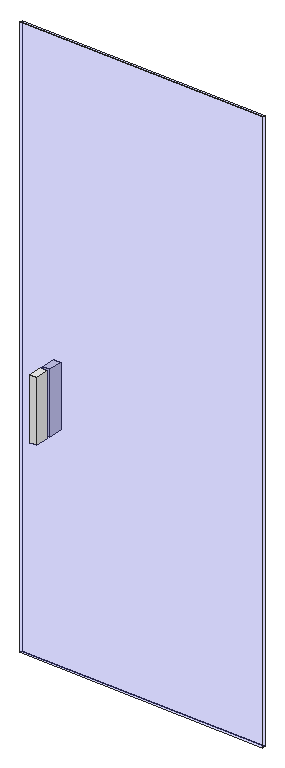
Revit family "Doors_Sgl_Glass_No_Frame_2", category Doors, Revit 2016
Family settings
  Always vertical = Yes
  Cut with Voids When Loaded = No
  Shared = No
  Room Calculation Point = No
Parameters (values of type "Glass_Panel")
  Visual Light Transmittance = 0.9
  Solar Heat Gain Coefficient = 0.78
  Offset = 50.00 mm
  Construction Type Id = "GSP4R"
  Keynote = "H11"
  Heat Transfer Coefficient (U) = 3.6886 W/(m²·K)
  Glazing Material = Glass
  Function = Interior
  Analytic Construction = "1/8 in Pilkington single glazing"
Reference planes
  plane 1: y = 0
  plane 2: z = 0
  plane 3: x = 539.723
  plane 4: x = 82.523
  plane 5: x = 996.923
  plane 6: z = 2133.6
  plane 7: y = 50
Forms (mm)
  Extrusion 1, solid, material "Glass" <- "Glazing Material"
    sketch origin (0, 0, 0) x (1, 0, 0) y (0, 1, 0)
      loop
        line (82.523, 50) -> (82.523, 37.3) -> (996.923, 37.3) -> (996.923, 50) -> (82.523, 50)
    from 0 to 2133.6
  Extrusion 2, solid, material "Metal - Aluminum"
    sketch origin (412.723, 50, 2133.6) x (0, 0, -1) y (-1, 0, 0)
      loop
        line (1143, 228.6) -> (1371.6, 228.6) -> (1371.6, 254) -> (1143, 254) -> (1143, 228.6)
    from 0 to 50.8
  Extrusion 3, solid, material "Metal - Aluminum"
    sketch origin (82.523, 37.3, 2133.6) x (0, 0, -1) y (1, 0, 0)
      loop
        line (1143, 76.2) -> (1371.6, 76.2) -> (1371.6, 101.6) -> (1143, 101.6) -> (1143, 76.2)
    from 0 to 50.8
Lines and regions (mm)
  symbolic lines, style "DoorsPanelProjection"
    curve 1: line (996.923, 50, 0) -> (996.923, 964.4, 0)
  symbolic lines, style "Elevation Swing"
    curve 2: line (82.523, 50, 2133.6) -> (996.923, 50, 1066.8)
    curve 3: line (996.923, 50, 1066.8) -> (82.523, 50, 0)
  symbolic lines, style "Plan Swing"
    curve 4: arc (82.523, 50, 0) -> (350.345, 696.578, 0) -> (996.923, 964.4, 0) r 914.4
Text (mm)
  text "Exterior" at (-272.061, 797.241, 0), in view "Base Line"
Dimensions and locks
  equal spacing: plane 4, plane 3, plane 5
  "Offset": plane 1 to plane 7
  equal spacing: plane 2, curve 3, plane 6
  Extrusion 1 to Extrusion 3 = 76.20 mm
  aligned and locked: Extrusion 1 to plane 6
  aligned and locked: Extrusion 1 sketch curve to plane 4
  aligned and locked: Extrusion 1 to plane 2
Automatic sketch dimensions
  curve 4 to plane 4 = 0.00 mm
  curve 4 to plane 5 = 0.00 mm
  curve 4 to plane 7 = 0.00 mm
  curve 2 to plane 4 = 0.00 mm
  curve 2 to plane 6 = 0.00 mm
  curve 3 to level = 0.00 mm
  curve 3 to plane 4 = 0.00 mm
  curve 3 to plane 5 = 0.00 mm
  Extrusion 3 sketch curve to plane 4 = 101.60 mm
  level to Extrusion 3 sketch curve = 990.60 mm
  Extrusion 3 sketch curve to plane 4 = 76.20 mm
  Extrusion 3 sketch curve to Extrusion 3 sketch curve = 228.60 mm
  Extrusion 1 sketch curve to plane 5 = 0.00 mm
  Extrusion 1 sketch curve to plane 7 = 0.00 mm
  Extrusion 1 sketch curve to Extrusion 1 sketch curve = 12.70 mm
  Extrusion 2 sketch curve to plane 4 = 76.20 mm
  level to Extrusion 2 sketch curve = 990.60 mm
  Extrusion 2 sketch curve to plane 4 = 101.60 mm
  Extrusion 2 sketch curve to Extrusion 2 sketch curve = 228.60 mm
  curve 1 to plane 7 = 0.00 mm
